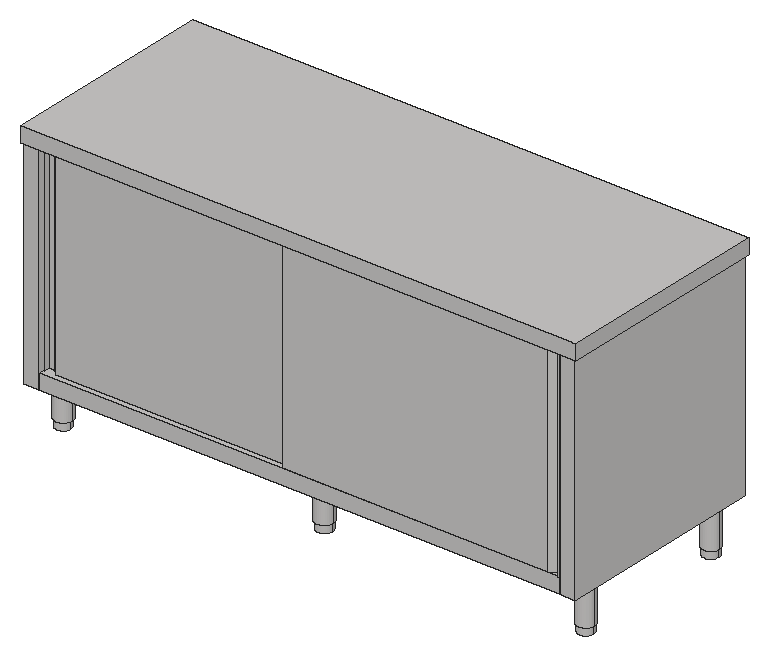
Revit family "QF_ELECTROLUXPROFESSIONAL_132860_MS1807N", category Attrezzature speciali, Revit 2020
Family settings
  Quota connettore circolare = Usa diametro
  Tipo di parte = Normale
  Basato su piano di lavoro = No
  Sempre verticale = Sì
  Taglio con vuoti quando caricato = No
  Condiviso = No
  Punto di calcolo locali = No
Parameters (values of type "Standard")
  Weight = 70.00 kg
  Watts = 0 W
  Volts = 0 V
  URL Manufacturer = "https://www.electroluxprofessional.com/"
  URL = "https://www.electroluxprofessional.com/"
  Steam Supply Size = 0 mm
  Steam Supply Minimum Pressure = 0.0 Pa
  Steam Supply Maximum Pressure = 0.0 Pa
  Steam Consumption per Hour = 0
  Refrigeration Suction Line Size = 0.0 mm
  Refrigeration Liquid Line Size = 0.0 mm
  Refrigerant Compressor Remote = yes
  Prospetto di default = 0.0 mm
  Produttore = "Electrolux Professional"
  Phase = 0
  Modello = "MS1807N"
  Length Actual = 1800.0 mm  # constant formula
  Item Number = "132860"
  Hot Water Size = 0 mm
  Height Actual = 900.0 mm  # constant formula
  HP = "0 HP"
  Gas Size = 0 mm
  Gas KW = 0
  Gas Input Pressure = 0 W
  Direct Waste Size = 0 mm
  Descrizione = "WORKTOP CUPBOARD 1800MM"
  Depth Actual = 700.0 mm  # constant formula
  Cycle = 0 Hz
  Condensate Return Size = 0 mm
  Compressed Air Volume = 0.0 L/s
  Compressed Air Size = 0 mm
  Compressed Air Pressure = 0.0 Pa
  Cold Water Size = 0 mm
  Accessory = yes
Reference planes
  plane 1 "Center (Front/Back)": y = 0
  plane 2: z = 0
  plane 3 "Center (Left/Right)": x = -400
  plane 4 "LEFT": x = -1300
  plane 5 "RIGHT": x = 500
  plane 6 "BACK": y = 350
  plane 7 "FRONT": y = -350
  plane 8 "Base": z = 850
  plane 9 "TOP": z = 900
  plane 10: x = -1246.9
  plane 11: x = 446.9
  plane 12: y = 264.5
  plane 13: y = -241.9
  plane 14 "BodyLeft": x = -1294.5
  plane 15 "BodyFront": y = -344.5
  plane 16 "BodyRight": x = 494.5
  plane 17 "BodyBack": y = 344.5
  plane 18 "FEET": z = 150
  plane 19: x = -345
  plane 20: x = -455
Forms (mm)
  Extrusion 1, solid, material "QF_Finishes_Stainless Steel"
    sketch origin (-400, 0, 0) x (0, 1, 0) y (0, 0, 1)
      loop
        line (-350, 850) -> (350, 850) -> (350, 900) -> (-350, 900) -> (-350, 850)
    from 900 to -900
  Extrusion 2, solid, material "QF_Finishes_Stainless Steel"
    sketch origin (0, 0, 150) x (-1, 0, 0) y (0, -1, 0)
      loop
        line (1294.5, -344.5) -> (1294.5, 344.5) -> (1244.5, 344.5) -> (1244.5, -344.5) -> (1294.5, -344.5)
      loop
        line (-444.5, -344.5) -> (-444.5, 344.5) -> (-494.5, 344.5) -> (-494.5, -344.5) -> (-444.5, -344.5)
    from 0 to 700
  Extrusion 3, solid, material "QF_Finishes_Stainless Steel"
    sketch origin (0, 0, 150) x (-1, 0, 0) y (0, -1, 0)
      loop
        line (1243.585, -344.5) -> (1243.585, 344.5) -> (-444.5, 344.5) -> (-444.5, -344.5) -> (1243.585, -344.5)
    from 0 to 50
  Extrusion 4, solid, material "QF_Finishes_Stainless Steel"
    sketch origin (0, 0, 150) x (-1, 0, 0) y (0, -1, 0)
      loop
        line (1243.585, -344.5) -> (1243.585, -294.5) -> (-444.5, -294.5) -> (-444.5, -344.5) -> (1243.585, -344.5)
    from 50 to 700
  Extrusion 5, solid, material "QF_Finishes_Stainless Steel"
    sketch origin (0, 0, 150) x (-1, 0, 0) y (0, -1, 0)
      loop
        line (-444.5, 344.5) -> (-444.5, 324.5) -> (455, 324.5) -> (455, 344.5) -> (-404.5, 344.5) -> (-424.5, 329.5) -> (-439.5, 329.5) -> (-439.5, 344.5) -> (-444.5, 344.5)
    from 50 to 700
  Extrusion 6, solid, material "QF_Finishes_Stainless Steel"
    sketch origin (0, 20, 150) x (1, 0, 0) y (0, 1, 0)
      loop
        line (-1244.5, -344.5) -> (-1239.5, -344.5) -> (-1239.5, -329.5) -> (-1224.5, -329.5) -> (-1204.5, -344.5) -> (-345, -344.5) -> (-345, -324.5) -> (-1244.5, -324.5) -> (-1244.5, -344.5)
    from 50 to 700
Lines and regions (mm)
  symbolic lines
    curve 1: line (500, 350, 900) -> (-1300, 350, 900)
    curve 2: line (-1300, 350, 900) -> (-1300, -350, 900)
    curve 3: line (-1300, -350, 900) -> (500, -350, 900)
    curve 4: line (500, -350, 900) -> (500, 350, 900)
  symbolic lines, style "SpecialityEquipmentHiddenLines"
    curve 5: line (-1294.5, 344.5, 150) -> (494.5, 344.5, 150)
    curve 6: line (-1294.5, -344.5, 150) -> (-1294.5, 344.5, 150)
    curve 7: line (494.5, -344.5, 150) -> (-1294.5, -344.5, 150)
    curve 8: line (494.5, 344.5, 150) -> (494.5, -344.5, 150)
    curve 9: line (-1244.5, -304.5, 150) -> (-345, -304.5, 150)
    curve 10: line (-345, -304.5, 150) -> (-345, -324.5, 150)
    curve 11: line (-1244.5, -324.5, 150) -> (444.5, -324.5, 150)
    curve 12: line (444.5, -324.5, 150) -> (444.5, -344.5, 150)
    curve 13: line (-455, -324.5, 150) -> (-455, -344.5, 150)
    curve 14: line (-1244.5, -304.5, 150) -> (-1244.5, -324.5, 150)
Dimensions and locks
  plane 4 "LEFT" to plane 5 "RIGHT" = 1800.0 mm
  equal spacing: plane 4 "LEFT", plane 3 "Center (Left/Right)", plane 5 "RIGHT"
  locked: plane 8 "Base" to level at 850
  plane 9 "TOP" to level = 900.0 mm
  plane 6 "BACK" to plane 7 "FRONT" = 700.0 mm
  equal spacing: plane 6 "BACK", plane 1 "Center (Front/Back)", plane 7 "FRONT"
  locked: plane 4 "LEFT" to plane 14 "BodyLeft" at 5.5
  locked: plane 16 "BodyRight" to plane 5 "RIGHT" at 5.5
  locked: plane 15 "BodyFront" to plane 7 "FRONT" at 5.5
  locked: plane 6 "BACK" to plane 17 "BodyBack" at 5.5
  locked: plane 14 "BodyLeft" to plane 10 at 47.6
  locked: plane 11 to plane 16 "BodyRight" at 47.6
  locked: plane 13 to plane 15 "BodyFront" at 102.6
  locked: plane 17 "BodyBack" to plane 12 at 80
  plane 10 to plane 11 = 1693.8 mm
  plane 12 to plane 13 = 506.4 mm
  locked: plane 14 "BodyLeft" to Extrusion 2 sketch curve at 50
  locked: Extrusion 2 sketch curve to Extrusion 2 sketch curve at 50
  Extrusion 3 to Extrusion 4 sketch curve = 50.0 mm
  locked: plane 3 "Center (Left/Right)" to plane 19 at 55
  locked: plane 20 to plane 3 "Center (Left/Right)" at 55
  locked: plane 18 "FEET" to level at 150
  aligned and locked: level to plane 2
  aligned and locked: plane 10 to nested 1
  aligned and locked: nested 1 to plane 13
  aligned and locked: plane 11 to nested 2
  aligned and locked: nested 2 to plane 13
  aligned and locked: plane 11 to nested 4
  aligned and locked: nested 4 to plane 12
  aligned and locked: plane 10 to nested 3
  aligned and locked: nested 3 to plane 12
  aligned and locked: Extrusion 1 to plane 4 "LEFT"
  aligned and locked: plane 5 "RIGHT" to Extrusion 1
  aligned and locked: curve 2 to plane 4 "LEFT"
  aligned and locked: plane 17 "BodyBack" to Extrusion 2 sketch curve
  aligned and locked: Extrusion 2 sketch curve to plane 15 "BodyFront"
  aligned and locked: Extrusion 2 sketch curve to plane 14 "BodyLeft"
  aligned and locked: plane 16 "BodyRight" to Extrusion 2 sketch curve
  aligned and locked: Extrusion 2 sketch curve to plane 17 "BodyBack"
  aligned and locked: plane 15 "BodyFront" to Extrusion 2 sketch curve
  aligned and locked: Extrusion 3 sketch curve to plane 17 "BodyBack"
  aligned and locked: plane 15 "BodyFront" to Extrusion 3 sketch curve
  aligned and locked: plane 8 "Base" to Extrusion 2
  aligned and locked: Extrusion 4 sketch curve to Extrusion 3
  aligned and locked: plane 8 "Base" to Extrusion 5
  aligned and locked: Extrusion 5 to Extrusion 3
  aligned and locked: Extrusion 6 sketch curve to plane 19
  aligned and locked: Extrusion 5 sketch curve to plane 20
  aligned and locked: Extrusion 1 to plane 8 "Base"
  aligned and locked: plane 9 "TOP" to Extrusion 1
  aligned and locked: curve 5 to plane 17 "BodyBack"
  aligned and locked: plane 14 "BodyLeft" to curve 6
  aligned and locked: plane 15 "BodyFront" to curve 7
  aligned and locked: plane 16 "BodyRight" to curve 8
  aligned and locked: plane 3 "Center (Left/Right)" to nested 5
  aligned and locked: plane 3 "Center (Left/Right)" to nested 6
Automatic sketch dimensions
  curve 3 to plane 7 "FRONT" = 0.0 mm
  curve 4 to plane 6 "BACK" = 0.0 mm
  Extrusion 1 sketch curve to plane 7 "FRONT" = 0.0 mm
  plane 9 "TOP" to Extrusion 1 sketch curve = 0.0 mm
  Extrusion 1 sketch curve to plane 6 "BACK" = 0.0 mm
  Extrusion 1 sketch curve to plane 8 "Base" = 0.0 mm
  Extrusion 5 sketch curve to plane 15 "BodyFront" = 0.0 mm  (x2)
  Extrusion 5 sketch curve to plane 11 = 2.4 mm
  Extrusion 5 sketch curve to Extrusion 5 sketch curve = 5.0 mm
  Extrusion 5 sketch curve to Extrusion 5 sketch curve = 15.0 mm
  Extrusion 5 sketch curve to Extrusion 5 sketch curve = 20.0 mm
  plane 15 "BodyFront" to Extrusion 5 sketch curve = 15.0 mm
  plane 15 "BodyFront" to Extrusion 5 sketch curve = 20.0 mm
  Extrusion 6 sketch curve to plane 15 "BodyFront" = 20.0 mm  (x2)
  Extrusion 6 sketch curve to plane 10 = 2.4 mm
  Extrusion 6 sketch curve to Extrusion 6 sketch curve = 5.0 mm
  Extrusion 6 sketch curve to Extrusion 6 sketch curve = 15.0 mm
  Extrusion 6 sketch curve to Extrusion 6 sketch curve = 20.0 mm  (x2)
  Extrusion 6 sketch curve to plane 15 "BodyFront" = 35.0 mm
  Extrusion 3 sketch curve to plane 11 = 2.4 mm
  plane 10 to Extrusion 3 sketch curve = 3.315 mm
  Extrusion 4 sketch curve to plane 11 = 2.4 mm
  plane 10 to Extrusion 4 sketch curve = 3.315 mm
  curve 10 to plane 19 = 0.0 mm
  curve 13 to plane 20 = 0.0 mm
  curve 11 to plane 11 = 2.4 mm
  plane 15 "BodyFront" to curve 9 = 40.0 mm
  curve 12 to curve 12 = 20.0 mm
  plane 10 to curve 14 = 2.4 mm
  curve 4 to plane 5 "RIGHT" = 0.0 mm
Nested families
  nested 1: "FEET_D58-150" at (-1246.9, -241.9, 0), type "FEET_D58-150"
  nested 2: "FEET_D58-150" at (446.9, -241.9, 0), type "FEET_D58-150"
  nested 3: "FEET_D58-150" at (-1246.9, 264.5, 0), type "FEET_D58-150"
  nested 4: "FEET_D58-150" at (446.9, 264.5, 0), type "FEET_D58-150"
  nested 5: "FEET_D58-150" at (-400, -241.9, 0), type "FEET_D58-150"
  nested 6: "FEET_D58-150" at (-400, 264.5, 0), type "FEET_D58-150"
Definition of nested family "FEET_D58-150"
  Parameters
    Default Elevation = 0.0 mm
    FEET = 150.0 mm
  Reference planes
    plane 1 "Center (Front/Back)": y = 0
    plane 2: z = 0
    plane 3 "Center (Left/Right)": x = 0
    plane 4: z = 150
  Forms (mm)
    Extrusion 1, solid
      sketch origin (0, 0, 0) x (1, 0, 0) y (0, 1, 0)
        loop
          circle (0, 0) r 25
      from 0 to 25
    Extrusion 2, solid
      sketch origin (0, 0, 0) x (1, 0, 0) y (0, 1, 0)
        loop
          circle (0.061, 0) r 29
      from 25 to 150 <- "FEET"
  Lines and regions (mm)
    symbolic lines
      curve 1: line (0, -1.503, 0) -> (0, 1.508, 0)
      curve 2: line (1.561, 0, 0) -> (-1.439, 0, 0)
  Dimensions and locks
    "FEET": plane 4 to plane 2
    aligned and locked: level to plane 2
  Automatic sketch dimensions
    plane 1 "Center (Front/Back)" to Extrusion 1 sketch curve = 0.0 mm
    Extrusion 1 sketch curve to plane 3 "Center (Left/Right)" = 0.0 mm
    plane 1 "Center (Front/Back)" to curve 2 = 0.0 mm
    curve 1 to plane 3 "Center (Left/Right)" = 0.0 mm
    curve 2 to plane 3 "Center (Left/Right)" = 1.439 mm
    plane 3 "Center (Left/Right)" to curve 2 = 1.561 mm
    plane 1 "Center (Front/Back)" to curve 1 = 1.503 mm
    curve 1 to plane 1 "Center (Front/Back)" = 1.508 mm
    plane 1 "Center (Front/Back)" to Extrusion 2 sketch curve = 0.0 mm
    plane 3 "Center (Left/Right)" to Extrusion 2 sketch curve = 0.061 mm
    radius of Extrusion 1 sketch curve = 25.0 mm
    radius of Extrusion 2 sketch curve = 29.0 mm
